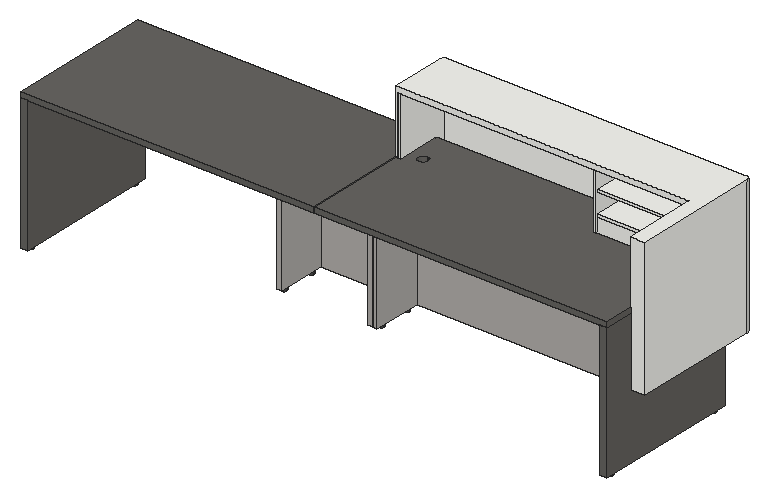
Revit family "Table-Teknion-CWRT_Reception_With_Transaction-R2016", category Furniture, Revit 2018
Family settings
  OmniClass Number = 23.40.20.00
  OmniClass Title = General Furniture and Specialties
  Work Plane-Based = No
  Always vertical = Yes
  Cut with Voids When Loaded = No
  Shared = Yes
  Room Calculation Point = No
Parameters (values of type "Left/Right Transaction Counter with Open Waterfall Edge")
  Worksurface Finish [instance] = Wood - Teknion - DZ - Truffle
  Width [instance] = 120.000"
  Warranty = "http://www.teknion.com/ca/papers/legal-canada"
  Unit Weight URL = "http://www.teknion.com/ca/tools/assets#&asset=bee6a381-b954-425e-8283-5a2de3a804f2,f828d448-4b62-4231-9e5f-9a8991c0ed77"
  URL = "www.teknion.com"
  Two Worksurface Left Right [instance] = and(LeftorRight, Width > 119.000")  # yes
  To render please download texture images found here [instance] = "https://assets.teknion.com/web/5e81352c1dfdb467/revit-material-swatches/"
  Sustainability Data = "https://www.teknion.com/ca/tools/assets#&topic=216f99a5-57a0-44fc-b10a-9dee9b29ae4c&asset=444deb64-fe58-4b68-981e-f75e97781df7,b4ff2d81-9f2e-437d-9659-7cffb09c31cf"
  Series = "Custom Wood"  # constant formula
  Product Page URL = "https://www.teknion.com/ca/products/product-details?productLineId=0d82026f-8e7a-673b-a6c8-ff05004460c4"
  Product Line = "Reception"  # constant formula
  Product Documentation Link = "https://assets.teknion.com/m/148e0412a085a50e/original/Teknion-Reception-Sell-Sheet.pdf"
  Part Number = "CWRT"  # constant formula
  Overhang Edge Offset [instance] = if(Closed, 1.500", if(Width = 144.000", 46.500", if(Width = 132.000", 43.500", if(Width = 120.000", 40.500", if(Width = 108.000", 37.500", 34.500")))))  # 40.500"
  Open Waterfall Edge Leg offset [instance] = if(Depth = 30.000", 10.000", 16.000")  # 10.000"
  Open = yes
  One Worksurface [instance] = and(LeftorRight, Width < 119.000")  # no
  Modesty Panel Offset [instance] = if(Width = 144.000", 46.500", if(Width = 132.000", 43.500", if(Width = 120.000", 40.500", if(Width = 108.000", 37.500", 34.500"))))  # 40.500"
  Model = "CWRT__O_"
  Manufacturer Phone = "416-661-3370"  # constant formula
  Manufacturer Fax = "416.661.4586"  # constant formula
  Manufacturer Contact Information = "http://www.teknion.com/ca/contactus"
  Manufacturer Address = "1150 Flint Road, Toronto, ON. M3J 2J5. Canada"  # constant formula
  Manufacturer = "Teknion"  # constant formula
  LeftorRight = yes
  Left Right grommet hole [instance] = if(LeftorRight, 2.000", 0.500")  # 2.000"
  How To Use Teknion Materials User Guide [instance] = "https://assets.teknion.com/m/205dd0a49fa58060/original/How-to-add-a-Material-Library-and-Texture-Images-to-your-Revit-project.pdf"
  For Additional Finishes please visit [instance] = "https://assets.teknion.com/m/44a8009b046e5d47/original/Teknion_Materials_Library.zip"
  Edge offset = if(Center, 0.000", 3.000")  # 3.000"
  Transaction Counter Finish [instance] = Wood - Teknion - MV - Solid Surface - Glacier White
  Double Middle Support Offset [instance] = if(Depth = 30.000", 10.000", 12.000")  # 10.000"
  Double Middle Support [instance] = or(Center, Two Worksurface Left Right)  # yes
  Description = "Teknion Recption with Transaction, Open Waterfall Edge, Left/Right Transaction Counter"
  Depth [instance] = 30.000"
  Closed = no
  Center Grommet Hole [instance] = if(Center, 2.000", 0.500")  # 0.500"
  Center  Edge offset [instance] = if(Width = 144.000", 36.000", if(Width = 132.000", 33.000", 30.000"))  # 30.000"
  Center = no
  Base Finish [instance] = Veneer-Teknion-5S-Flintwood-Silverwash
  Available Widths [instance] = if(Center, "120, 132, and 144 Inches", if(Open, "96, 108, 120, 132, and 144 Inches", "84, 96, 108, 120, 132, and 144 Inches "))  # "96, 108, 120, 132, and 144 Inches"
  Available Depths [instance] = "30, and 36 Inches"  # constant formula
  Assembly Code = "E2020200"
Reference planes (in)
  plane 1 "Center Front/Back": y = 0
  plane 2: z = 0
  plane 3 "Center Left/Right": x = 0
  plane 4 "Left": x = -60
  plane 5 "Right": x = 60
  plane 6 "Back": y = 15
  plane 7 "Front": y = -15
  plane 8 "Top": z = 42
  plane 9: x = 63
  plane 10: y = 18
  plane 11: z = 0.5
  plane 12: z = 29
  plane 13: x = -19.5
  plane 14: y = 11
  plane 15: x = -30
  plane 16: x = 30
Forms (in)
  Sweep 1, solid, material "Wood - Teknion - DZ - Truffle" <- "Worksurface Finish"
    path origin (0, 0, 0) x (1, 0, 0) y (0, 0, 1)
      loop
        line (0, 0.5) -> (0, 28)
    profile origin (0, 0, 14.25) x (-1, 0, 0) y (0, -1, 0)
      loop
        line (60, -15) -> (60, 15) -> (58.5, 15) -> (58.5, -15) -> (60, -15)
      loop
        line (-60, -15) -> (-58.5, -15) -> (-58.5, 15) -> (-60, 15) -> (-60, -15)
  Sweep 2, solid, material "Wood - Teknion - DZ - Truffle" <- "Worksurface Finish", visible <- "One Worksurface"
    path origin (0, 0, 0) x (1, 0, 0) y (0, 0, 1)
      loop
        line (0, 28) -> (0, 29)
    profile origin (0, 0, 28.5) x (-1, 0, 0) y (0, -1, 0)
      loop
        line (60, -15) -> (60, 15) -> (-60, 15) -> (-60, -15) -> (60, -15)
  Sweep 3, solid, material "Veneer-Teknion-5S-Flintwood-Silverwash" <- "Base Finish"
    path origin (0, 0, 0) x (1, 0, 0) y (0, 0, 1)
      loop
        line (0, 0.5) -> (0, 28)
    profile origin (0, 0, 14.25) x (-1, 0, 0) y (0, -1, 0)
      loop
        line (19.5, -11) -> (19.5, -10) -> (-58.5, -10) -> (-58.5, -11) -> (19.5, -11)
  Sweep 4, solid, material "Wood - Teknion - DZ - Truffle" <- "Worksurface Finish", visible <- "LeftorRight"
    path origin (0, 0, 0) x (1, 0, 0) y (0, 1, 0)
      loop
        line (-58.5, 0) -> (0, 0)
    profile origin (-29.25, 0, 0) x (0, 1, 0) y (0, 0, 1)
      loop
        line (14.94094, 27.94094) -> (14.81594, 27.94094) -> (14.81594, 28) -> (14.19094, 28) -> (14.19094, 25.75) -> (14.94094, 25.75) -> (14.94094, 27.94094)
  Sweep 5, solid, material "Veneer-Teknion-5S-Flintwood-Silverwash" <- "Base Finish", visible <- "Open"
    path origin (0, 0, 0) x (1, 0, 0) y (0, 0, 1)
      loop
        line (0, 0.5) -> (0, 28)
    profile origin (0, 0, 14.25) x (-1, 0, 0) y (0, -1, 0)
      loop
        line (19.5, -10) -> (19.5, 0) -> (18.5, 0) -> (18.5, -10) -> (19.5, -10)
  Sweep 6, solid, material "Wood - Teknion - DZ - Truffle" <- "Worksurface Finish", visible <- "Center"
    path origin (0, 0, 0) x (1, 0, 0) y (0, 1, 0)
      loop
        line (-58.5, 0) -> (-30, 0)
    profile origin (-44.25, 0, 0) x (0, 1, 0) y (0, 0, 1)
      loop
        line (14.94094, 25.75) -> (14.94094, 27.94094) -> (14.81594, 27.94094) -> (14.81594, 28) -> (14.19094, 28) -> (14.19094, 25.75) -> (14.94094, 25.75)
  Sweep 7, solid, material "Wood - Teknion - DZ - Truffle" <- "Worksurface Finish", visible <- "Center"
    path origin (0, 0, 0) x (1, 0, 0) y (0, 1, 0)
      loop
        line (30, 0) -> (58.5, 0)
    profile origin (44.25, 0, 0) x (0, 1, 0) y (0, 0, 1)
      loop
        line (14.19094, 25.75) -> (14.94094, 25.75) -> (14.94094, 27.94094) -> (14.81594, 27.94094) -> (14.81594, 28) -> (14.19094, 28) -> (14.19094, 25.75)
  Sweep 8, solid, material "Wood - Teknion - DZ - Truffle" <- "Worksurface Finish", visible <- "Double Middle Support"
    path origin (0, 0, 0) x (1, 0, 0) y (0, 0, 1)
      loop
        line (0, 28) -> (0, 29)
    profile origin (0, 0, 28.5) x (-1, 0, 0) y (0, -1, 0)
      loop
        line (0, -15) -> (60, -15) -> (60, 15) -> (0, 15) -> (0, -15)
  Sweep 9, solid, material "Wood - Teknion - DZ - Truffle" <- "Worksurface Finish", visible <- "Double Middle Support"
    path origin (0, 0, 0) x (1, 0, 0) y (0, 0, 1)
      loop
        line (0, 28) -> (0, 29)
    profile origin (0, 0, 28.5) x (-1, 0, 0) y (0, -1, 0)
      loop
        line (0, -15) -> (0, 15) -> (-60, 15) -> (-60, -15) -> (0, -15)
  Sweep 10, solid, material "Veneer-Teknion-5S-Flintwood-Silverwash" <- "Base Finish", visible <- "One Worksurface"
    path origin (0, 0, 0) x (1, 0, 0) y (0, 0, 1)
      loop
        line (0, 0.5) -> (0, 28)
    profile origin (0, 0, 14.25) x (-1, 0, 0) y (0, -1, 0)
      loop
        line (0.49775, -10) -> (0.49775, 0) -> (-0.50225, 0) -> (-0.50225, -10) -> (0.49775, -10)
  Sweep 11, solid, material "Plastic - Teknion - E - Ebony"
    path origin (0, 0, 0) x (1, 0, 0) y (0, 0, 1)
      loop
        line (0, 0) -> (0, 0.5)
    profile origin (0, 0, 0.25) x (-1, 0, 0) y (0, -1, 0)
      loop
        circle (59.25, -13.228) r 0.52
      loop
        circle (59.25, 13.228) r 0.52
      loop
        circle (-59.25, -13.228) r 0.52
      loop
        circle (-59.25, 13.228) r 0.52
  Sweep 12, solid, material "Plastic - Teknion - E - Ebony", visible <- "One Worksurface"
    path origin (0, 0, 0) x (1, 0, 0) y (0, 0, 1)
      loop
        line (0, 0) -> (0, 0.5)
    profile origin (0, 0, 0.25) x (-1, 0, 0) y (0, -1, 0)
      loop
        circle (-0.00225, -8.228) r 0.5
      loop
        circle (-0.00225, -1.772) r 0.5
  Sweep 13, solid, material "Plastic - Teknion - E - Ebony", visible <- "Open"
    path origin (0, 0, 0) x (1, 0, 0) y (0, 0, 1)
      loop
        line (0, 0) -> (0, 0.5)
    profile origin (0, 0, 0.25) x (-1, 0, 0) y (0, -1, 0)
      loop
        circle (19, -1.2772) r 0.5
      loop
        circle (19, -8.228) r 0.5
  Sweep 14, solid, material "Veneer-Teknion-5S-Flintwood-Silverwash" <- "Base Finish", visible <- "Double Middle Support"
    path origin (0, 0, 0) x (1, 0, 0) y (0, 0, 1)
      loop
        line (0, 0.5) -> (0, 28)
    profile origin (0, 0, 14.25) x (-1, 0, 0) y (0, -1, 0)
      loop
        line (1, 0) -> (0, 0) -> (0, -10) -> (1, -10) -> (1, 0)
  Sweep 15, solid, material "Veneer-Teknion-5S-Flintwood-Silverwash" <- "Base Finish", visible <- "Double Middle Support"
    path origin (0, 0, 0) x (1, 0, 0) y (0, 0, 1)
      loop
        line (0, 0.5) -> (0, 28)
    profile origin (0, 0, 14.25) x (-1, 0, 0) y (0, -1, 0)
      loop
        line (-1, -10) -> (0, -10) -> (0, 0) -> (-1, 0) -> (-1, -10)
  Sweep 16, solid, material "Plastic - Teknion - E - Ebony", visible <- "Double Middle Support"
    path origin (0, 0, 0) x (1, 0, 0) y (0, 0, 1)
      loop
        line (0, 0) -> (0, 0.5)
    profile origin (0, 0, 0.25) x (-1, 0, 0) y (0, -1, 0)
      loop
        circle (0.49775, -1.772) r 0.49775
      loop
        circle (0.49775, -8.228) r 0.49775
  Sweep 17, solid, material "Plastic - Teknion - E - Ebony", visible <- "Double Middle Support"
    path origin (0, 0, 0) x (1, 0, 0) y (0, 0, 1)
      loop
        line (0, 0) -> (0, 0.5)
    profile origin (0, 0, 0.25) x (-1, 0, 0) y (0, -1, 0)
      loop
        circle (-0.50225, -1.772) r 0.49775
      loop
        circle (-0.50225, -8.228) r 0.49775
  Sweep 18, solid, material "Veneer-Teknion-5S-Flintwood-Silverwash" <- "Base Finish", visible <- "Open"
    path origin (0, 0, 0) x (1, 0, 0) y (0, 0, 1)
      loop
        line (0, 28) -> (0, 19.96063)
    profile origin (0, 0, 23.98031) x (0, -1, 0) y (1, 0, 0)
      loop
        line (0, -19.5) -> (-0.75, -19.5) -> (-0.75, -58.5) -> (0, -58.5) -> (0, -19.5)
  Sweep 19, void
    path origin (0, 0, 0) x (1, 0, 0) y (0, 0, 1)
      loop
        line (0, 30) -> (0, 28)
    profile origin (0, 0, 29) x (0, -1, 0) y (1, 0, 0)
      loop
        circle (-8, 4) r 1
  Sweep 20, void
    path origin (0, 0, 0) x (1, 0, 0) y (0, 0, 1)
      loop
        line (0, 30) -> (0, 29.5)
    profile origin (0, 0, 29.75) x (0, -1, 0) y (1, 0, 0)
      loop
        circle (-8, -26.5) r 1
      loop
        circle (-8, 26.5) r 1
Cuts and joins
  Sweep 19, Sweep 20 cuts Sweep 9
  Sweep 19 cuts Sweep 2
  Sweep 20 cuts Sweep 8
Lines and regions (in)
  Masking region 1, visible <- "Center"
    outline origin (0, 0, 0) x (1, 0, 0) y (0, 1, 0)
      loop
        line (-60, 15) -> (-60, -15) -> (0, -15) -> (0, 6) -> (-30, 6) -> (-30, 15) -> (-60, 15)
  Masking region 2, visible <- "Center"
    outline origin (0, 0, 0) x (1, 0, 0) y (0, 1, 0)
      loop
        line (60, -15) -> (60, 15) -> (30, 15) -> (30, 6) -> (0, 6) -> (0, -15) -> (60, -15)
  Masking region 3, visible <- "One Worksurface"
    outline origin (0, 0, 0) x (1, 0, 0) y (0, 1, 0)
      loop
        line (-60, 15) -> (-60, -15) -> (60, -15) -> (60, 6) -> (0, 6) -> (0, 15) -> (-60, 15)
  Masking region 4, visible <- "Two Worksurface Left Right"
    outline origin (0, 0, 0) x (1, 0, 0) y (0, 1, 0)
      loop
        line (0, 6) -> (0, -15) -> (60, -15) -> (60, 6) -> (0, 6)
  Masking region 5, visible <- "Two Worksurface Left Right"
    outline origin (0, 0, 0) x (1, 0, 0) y (0, 1, 0)
      loop
        line (-60, 15) -> (-60, -15) -> (0, -15) -> (0, 15) -> (-60, 15)
  reference lines
    curve 1: line (-60, 18, 0) -> (63, 18, 0)
    curve 2: line (-60, 18, 0) -> (-60, -15, 0)
    curve 3: line (-60, -15, 0) -> (63, -15, 0)
    curve 4: line (63, 18, 0) -> (63, -15, 0)
  symbolic lines, style "FurnitureHiddenLines", detail levels medium+fine
    curve 5: line (-58.5, -15, 0) -> (-58.5, 14.94094, 0)
    curve 6: line (58.5, 14.94094, 0) -> (58.5, -15, 0)
    curve 7: line (-19.5, 10, 0) -> (58.5, 10, 0)
    curve 8: line (58.5, 11, 0) -> (-19.5, 11, 0)
    curve 38: line (60, 15, 0) -> (-60, 15, 0)
    curve 62: line (60, 6, 0) -> (60, 15, 0)
  symbolic lines, style "FurnitureHiddenLines", visible <- "One Worksurface", detail levels medium+fine
    curve 9: line (-0.49775, 10, 0) -> (-0.49775, 0, 0)
    curve 10: line (-0.49775, 0, 0) -> (0.50225, 0, 0)
    curve 11: line (0.50225, 0, 0) -> (0.50225, 10, 0)
  symbolic lines, style "FurnitureHiddenLines", visible <- "Center", detail levels medium+fine
    curve 12: line (-58.5, 14.19094, 0) -> (-30, 14.19094, 0)
    curve 13: line (-30, 14.81594, 0) -> (-58.5, 14.81594, 0)
    curve 14: line (-30, 14.94094, 0) -> (-58.5, 14.94094, 0)
    curve 15: line (30, 14.19094, 0) -> (58.5, 14.19094, 0)
    curve 16: line (58.5, 14.81594, 0) -> (30, 14.81594, 0)
    curve 17: line (58.5, 14.94094, 0) -> (30, 14.94094, 0)
    curve 56: arc (-26.5, 9, 0) -> (-27.5, 8, 0) -> (-26.5, 7, 0) r 1
    curve 57: arc (-26.5, 7, 0) -> (-25.5, 8, 0) -> (-26.5, 9, 0) r 1
    curve 58: arc (26.5, 7, 0) -> (27.5, 8, 0) -> (26.5, 9, 0) r 1
    curve 59: arc (26.5, 9, 0) -> (25.5, 8, 0) -> (26.5, 7, 0) r 1
  symbolic lines, style "FurnitureHiddenLines", visible <- "Two Worksurface Left Right", detail levels medium+fine
    curve 18: line (-58.5, 14.19094, 0) -> (0, 14.19094, 0)
  symbolic lines, style "FurnitureHiddenLines", visible <- "Two Worksurface Left Right", detail levels fine
    curve 19: line (0, 14.81594, 0) -> (-58.5, 14.81594, 0)
    curve 20: line (0, 14.94094, 0) -> (-58.5, 14.94094, 0)
  symbolic lines, style "FurnitureHiddenLines", visible <- "Open", detail levels medium+fine
    curve 21: line (-19.5, 11, 0) -> (-19.5, 10, 0)
    curve 22: line (-19.5, 10, 0) -> (-19.5, 0, 0)
    curve 23: line (-19.5, 0, 0) -> (-18.5, 0, 0)
    curve 39: line (-18.5, 0, 0) -> (-18.5, 10, 0)
    curve 60: line (-19.5, 0.75, 0) -> (-58.5, 0.75, 0)
    curve 61: line (-58.5, 0, 0) -> (-19.5, 0, 0)
  symbolic lines, style "FurnitureHiddenLines", detail levels fine
    curve 24: arc (-59.77, 13.228, 0) -> (-59.25, 12.708, 0) -> (-58.73, 13.228, 0) r 0.52
    curve 25: arc (-58.73, 13.228, 0) -> (-59.25, 13.748, 0) -> (-59.77, 13.228, 0) r 0.52
    curve 26: arc (-58.73, -13.228, 0) -> (-59.25, -12.708, 0) -> (-59.77, -13.228, 0) r 0.52
    curve 27: arc (-59.77, -13.228, 0) -> (-59.25, -13.748, 0) -> (-58.73, -13.228, 0) r 0.52
    curve 28: arc (59.77, -13.228, 0) -> (59.25, -12.708, 0) -> (58.73, -13.228, 0) r 0.52
    curve 29: arc (58.73, -13.228, 0) -> (59.25, -13.748, 0) -> (59.77, -13.228, 0) r 0.52
    curve 30: arc (59.77, 13.228, 0) -> (59.25, 13.748, 0) -> (58.73, 13.228, 0) r 0.52
    curve 31: arc (58.73, 13.228, 0) -> (59.25, 12.708, 0) -> (59.77, 13.228, 0) r 0.52
  symbolic lines, style "FurnitureHiddenLines", visible <- "One Worksurface", detail levels fine
    curve 32: arc (-0.49775, 8.228, 0) -> (0.00225, 7.728, 0) -> (0.50225, 8.228, 0) r 0.5
    curve 33: arc (0.50225, 8.228, 0) -> (0.00225, 8.728, 0) -> (-0.49775, 8.228, 0) r 0.5
    curve 34: arc (-0.49775, 1.772, 0) -> (0.00225, 1.272, 0) -> (0.50225, 1.772, 0) r 0.5
    curve 35: arc (0.50225, 1.772, 0) -> (0.00225, 2.272, 0) -> (-0.49775, 1.772, 0) r 0.5
  symbolic lines, style "FurnitureHiddenLines", visible <- "Open", detail levels fine
    curve 36: arc (-19.5, 8.228, 0) -> (-19, 7.728, 0) -> (-18.5, 8.228, 0) r 0.5
    curve 37: arc (-18.5, 8.228, 0) -> (-19, 8.728, 0) -> (-19.5, 8.228, 0) r 0.5
    curve 40: arc (-19.5, 1.2772, 0) -> (-19, 1.7772, 0) -> (-18.5, 1.2772, 0) r 0.5
    curve 41: arc (-18.5, 1.2772, 0) -> (-19, 0.7772, 0) -> (-19.5, 1.2772, 0) r 0.5
  symbolic lines, style "FurnitureHiddenLines", visible <- "Double Middle Support", detail levels medium+fine
    curve 42: line (-1, 10, 0) -> (-1, 0, 0)
    curve 43: line (-1, 0, 0) -> (0, 0, 0)
    curve 44: line (0, 0, 0) -> (1, 0, 0)
    curve 45: line (1, 0, 0) -> (1, 10, 0)
  symbolic lines, style "FurnitureHiddenLines", visible <- "Double Middle Support", detail levels fine
    curve 46: arc (-0.99549, 1.772, 0) -> (-0.49775, 2.26975, 0) -> (0, 1.772, 0) r 0.49775
    curve 47: arc (0, 1.772, 0) -> (-0.49775, 1.27425, 0) -> (-0.99549, 1.772, 0) r 0.49775
    curve 48: arc (0.00451, 1.772, 0) -> (0.50225, 2.26975, 0) -> (1, 1.772, 0) r 0.49775
    curve 49: arc (1, 1.772, 0) -> (0.50225, 1.27425, 0) -> (0.00451, 1.772, 0) r 0.49775
    curve 50: arc (-0.99549, 8.228, 0) -> (-0.49775, 8.72575, 0) -> (0, 8.228, 0) r 0.49775
    curve 51: arc (0, 8.228, 0) -> (-0.49775, 7.73025, 0) -> (-0.99549, 8.228, 0) r 0.49775
    curve 52: arc (0.00451, 8.228, 0) -> (0.50225, 8.72575, 0) -> (1, 8.228, 0) r 0.49775
    curve 53: arc (1, 8.228, 0) -> (0.50225, 7.73025, 0) -> (0.00451, 8.228, 0) r 0.49775
  symbolic lines, style "FurnitureHiddenLines", visible <- "LeftorRight", detail levels medium+fine
    curve 54: arc (4, 7, 0) -> (5, 8, 0) -> (4, 9, 0) r 1
    curve 55: arc (4, 9, 0) -> (3, 8, 0) -> (4, 7, 0) r 1
Dimensions and locks (in)
  "Width": plane 4 "Left" to plane 5 "Right"
  "Depth": plane 6 "Back" to plane 7 "Front"
  plane 8 "Top" to level = 42.000"
  equal spacing: plane 6 "Back", plane 1 "Center Front/Back", plane 7 "Front"
  equal spacing: plane 4 "Left", plane 3 "Center Left/Right", plane 5 "Right"
  "Edge offset": plane 5 "Right" to plane 9
  locked: plane 10 to plane 6 "Back" at 3
  plane 12 to plane 11 to level = 28.500", 0.500" locked
  locked: plane 12 to Sweep 1 sketch curve at 1
  locked: plane 4 "Left" to Sweep 1 sketch curve at 1.5
  locked: Sweep 1 sketch curve to plane 5 "Right" at 1.5
  Sweep 2 sketch curve to Sweep 2 sketch curve to level = 1.000" locked, 28.000" locked
  "Overhang Edge Offset": plane 4 "Left" to plane 13
  locked: plane 12 to Sweep 3 sketch curve at 1
  locked: plane 6 "Back" to plane 14 at 4
  locked: Sweep 3 sketch curve to plane 14 at 1
  locked: plane 4 "Left" to Sweep 4 sketch curve at 1.5
  plane 12 to Sweep 4 sketch curve to Sweep 4 sketch curve to Sweep 4 sketch curve = 1.000" locked, 0.05906" locked, 2.19094" locked
  plane 6 "Back" to Sweep 4 sketch curve to Sweep 4 sketch curve to Sweep 4 sketch curve = 0.05906" locked, 0.125" locked, 0.625" locked
  locked: plane 12 to Sweep 5 sketch curve at 1
  locked: Sweep 5 sketch curve to plane 14 at 1
  locked: plane 13 to Sweep 5 sketch curve at 1
  locked: Sweep 3 sketch curve to plane 5 "Right" at 1.5
  "Center  Edge offset": plane 3 "Center Left/Right" to plane 16
  "Center  Edge offset": plane 15 to plane 3 "Center Left/Right"
  locked: plane 4 "Left" to Sweep 6 sketch curve at 1.5
  plane 12 to Sweep 6 sketch curve to Sweep 6 sketch curve to Sweep 6 sketch curve = 1.000" locked, 0.05906" locked, 2.19094" locked
  plane 6 "Back" to Sweep 6 sketch curve to Sweep 6 sketch curve to Sweep 6 sketch curve = 0.05906" locked, 0.125" locked, 0.625" locked
  plane 6 "Back" to Sweep 7 sketch curve to Sweep 7 sketch curve to Sweep 7 sketch curve = 0.05906" locked, 0.125" locked, 0.625" locked
  plane 12 to Sweep 7 sketch curve to Sweep 7 sketch curve to Sweep 7 sketch curve = 1.000" locked, 0.05906" locked, 2.19094" locked
  locked: plane 12 to Sweep 8 sketch curve at 1
  locked: plane 12 to Sweep 9 sketch curve at 1
  locked: plane 12 to Sweep 10 sketch curve at 1
  Sweep 10 sketch curve to plane 3 "Center Left/Right" to Sweep 10 sketch curve = 0.50225" locked, 0.49775" locked
  locked: Sweep 10 sketch curve to plane 14 at 1
  locked: plane 6 "Back" to Masking region 1 sketch curve at 9
  locked: plane 6 "Back" to Masking region 2 sketch curve at 9
  locked: Masking region 4 sketch curve to plane 14 at 5
  locked: plane 6 "Back" to Sweep 11 sketch curve at 1.772  (x2)
  locked: plane 7 "Front" to Sweep 11 sketch curve at 1.772  (x2)
  locked: plane 4 "Left" to Sweep 11 sketch curve at 0.75  (x2)
  locked: Sweep 11 sketch curve to plane 5 "Right" at 0.75  (x2)
  plane 3 "Center Left/Right" to Sweep 12 sketch curve to Sweep 12 sketch curve = 0.00225" locked, 0.000" locked
  locked: Sweep 12 sketch curve to plane 14 at 2.772
  locked: Sweep 13 sketch curve to plane 14 at 2.772
  plane 13 to Sweep 13 sketch curve to Sweep 13 sketch curve = 0.500" locked, 0.000" locked
  locked: Sweep 7 sketch curve to plane 5 "Right" at 1.5
  "Open Waterfall Edge Leg offset": Sweep 5 sketch curve to Sweep 5 sketch curve
  "Double Middle Support Offset": Sweep 10 sketch curve to Sweep 10 sketch curve
  locked: Sweep 10 to Sweep 12 sketch curve at 1.772
  locked: plane 12 to Sweep 14 sketch curve at 1
  locked: Sweep 14 sketch curve to plane 14 at 1
  "Double Middle Support Offset": Sweep 14 sketch curve to Sweep 14 sketch curve
  locked: Sweep 14 sketch curve to plane 3 "Center Left/Right" at 1
  locked: plane 12 to Sweep 15 sketch curve at 1
  locked: curve 8 to Sweep 15 sketch curve at 1
  "Double Middle Support Offset": Sweep 15 sketch curve to Sweep 15 sketch curve
  locked: plane 3 "Center Left/Right" to Sweep 15 sketch curve at 1
  locked: Sweep 5 to Sweep 13 sketch curve at 1.2772
  locked: Sweep 14 to Sweep 16 sketch curve at 1.772
  Sweep 16 sketch curve to Sweep 16 sketch curve to plane 3 "Center Left/Right" = 0.000" locked, 0.49775" locked
  locked: curve 8 to Sweep 16 sketch curve at 2.772
  plane 3 "Center Left/Right" to Sweep 17 sketch curve to Sweep 17 sketch curve = 0.50225" locked, 0.000" locked
  locked: Sweep 15 to Sweep 17 sketch curve at 1.772
  locked: curve 8 to Sweep 17 sketch curve at 2.772
  plane 12 to Sweep 18 sketch curve to Sweep 18 sketch curve = 1.000" locked, 8.03937" locked
  locked: plane 4 "Left" to Sweep 18 sketch curve at 1.5
  "Modesty Panel Offset": plane 4 "Left" to Sweep 18 sketch curve
  locked: Sweep 5 to Sweep 18 sketch curve at 0.75
  locked: Sweep 19 sketch curve to plane 12 at 1
  "Left Right grommet hole": Sweep 19 sketch curve to Sweep 19 sketch curve
  locked: curve 8 to Sweep 19 sketch curve at 3
  locked: plane 3 "Center Left/Right" to Sweep 19 sketch curve at 4
  locked: Sweep 20 sketch curve to plane 12 at 1
  "Center Grommet Hole": Sweep 20 sketch curve to Sweep 20 sketch curve
  locked: curve 8 to Sweep 20 sketch curve at 3  (x2)
  locked: plane 15 to Sweep 20 sketch curve at 3.5
  locked: Sweep 20 sketch curve to plane 16 at 3.5
  aligned and locked: level to plane 2
  aligned and locked: curve 1 to plane 10
  aligned and locked: curve 2 to plane 4 "Left"
  aligned and locked: plane 7 "Front" to curve 3
  aligned and locked: curve 4 to plane 9
  aligned and locked: plane 11 to Sweep 1 sketch curve
  aligned and locked: plane 3 "Center Left/Right" to Sweep 1 sketch curve
  aligned and locked: Sweep 1 sketch curve to plane 6 "Back"
  aligned and locked: plane 4 "Left" to Sweep 1 sketch curve
  aligned and locked: Sweep 1 sketch curve to plane 7 "Front"
  aligned and locked: Sweep 1 sketch curve to plane 5 "Right"
  aligned and locked: plane 6 "Back" to Sweep 1 sketch curve
  aligned and locked: plane 7 "Front" to Sweep 1 sketch curve
  aligned and locked: plane 3 "Center Left/Right" to Sweep 2 sketch curve
  aligned and locked: Sweep 2 sketch curve to plane 6 "Back"
  aligned and locked: plane 5 "Right" to Sweep 2 sketch curve
  aligned and locked: Sweep 2 sketch curve to plane 7 "Front"
  aligned and locked: plane 4 "Left" to Sweep 2 sketch curve
  aligned and locked: nested 1 to plane 6 "Back"
  aligned and locked: plane 3 "Center Left/Right" to nested 2
  aligned and locked: nested 2 to plane 6 "Back"
  aligned and locked: plane 11 to Sweep 3 sketch curve
  aligned and locked: plane 3 "Center Left/Right" to Sweep 3 sketch curve
  aligned and locked: plane 13 to Sweep 3 sketch curve
  aligned and locked: plane 14 to Sweep 3 sketch curve
  aligned and locked: plane 1 "Center Front/Back" to Sweep 4 sketch curve
  aligned and locked: plane 11 to Sweep 5 sketch curve
  aligned and locked: plane 3 "Center Left/Right" to Sweep 5 sketch curve
  aligned and locked: plane 13 to Sweep 5 sketch curve
  aligned and locked: plane 1 "Center Front/Back" to Sweep 6 sketch curve
  aligned and locked: plane 15 to Sweep 6 sketch curve
  aligned and locked: plane 1 "Center Front/Back" to Sweep 7 sketch curve
  aligned and locked: plane 16 to Sweep 7 sketch curve
  aligned and locked: plane 12 to Sweep 8 sketch curve
  aligned and locked: plane 3 "Center Left/Right" to Sweep 8 sketch curve  (x2)
  aligned and locked: plane 6 "Back" to Sweep 8 sketch curve
  aligned and locked: plane 7 "Front" to Sweep 8 sketch curve
  aligned and locked: Sweep 8 sketch curve to plane 4 "Left"
  aligned and locked: plane 12 to Sweep 9 sketch curve
  aligned and locked: plane 3 "Center Left/Right" to Sweep 9 sketch curve  (x2)
  aligned and locked: Sweep 9 sketch curve to plane 6 "Back"
  aligned and locked: Sweep 9 sketch curve to plane 7 "Front"
  aligned and locked: plane 5 "Right" to Sweep 9 sketch curve
  aligned and locked: plane 11 to Sweep 10 sketch curve
  aligned and locked: plane 3 "Center Left/Right" to Sweep 10 sketch curve
  aligned and locked: Masking region 1 sketch curve to plane 15
  aligned and locked: Masking region 1 sketch curve to plane 3 "Center Left/Right"
  aligned and locked: Masking region 1 sketch curve to plane 6 "Back"
  aligned and locked: plane 4 "Left" to Masking region 1 sketch curve
  aligned and locked: Masking region 1 sketch curve to plane 7 "Front"
  aligned and locked: plane 3 "Center Left/Right" to Masking region 2 sketch curve
  aligned and locked: Masking region 2 sketch curve to plane 7 "Front"
  aligned and locked: Masking region 2 sketch curve to plane 6 "Back"
  aligned and locked: plane 16 to Masking region 2 sketch curve
  aligned and locked: plane 5 "Right" to Masking region 2 sketch curve
  aligned and locked: Masking region 3 sketch curve to plane 6 "Back"
  aligned and locked: plane 4 "Left" to Masking region 3 sketch curve
  aligned and locked: Masking region 3 sketch curve to plane 7 "Front"
  aligned and locked: plane 5 "Right" to Masking region 3 sketch curve
  aligned and locked: Masking region 4 sketch curve to plane 7 "Front"
  aligned and locked: plane 5 "Right" to Masking region 4 sketch curve
  aligned and locked: plane 11 to Sweep 11 sketch curve
  aligned and locked: level to Sweep 11 sketch curve
  aligned and locked: plane 3 "Center Left/Right" to Sweep 11 sketch curve
  aligned and locked: plane 11 to Sweep 12 sketch curve
  aligned and locked: plane 3 "Center Left/Right" to Sweep 12 sketch curve
  aligned and locked: level to Sweep 12 sketch curve
  aligned and locked: level to Sweep 13 sketch curve
  aligned and locked: plane 11 to Sweep 13 sketch curve
  aligned and locked: plane 3 "Center Left/Right" to Sweep 13 sketch curve
  aligned and locked: curve 5 to Sweep 1
  aligned and locked: Sweep 1 to curve 6
  aligned and locked: curve 7 to Sweep 3
  aligned and locked: curve 8 to Sweep 3
  aligned and locked: curve 12 to Sweep 6
  aligned and locked: curve 13 to Sweep 6
  aligned and locked: curve 14 to Sweep 6
  aligned and locked: curve 15 to Sweep 7
  aligned and locked: curve 16 to Sweep 7
  aligned and locked: curve 17 to Sweep 7
  aligned and locked: curve 18 to Sweep 4
  aligned and locked: Sweep 4 to curve 19
  aligned and locked: Sweep 4 to curve 20
  aligned and locked: curve 21 to plane 13
  aligned and locked: curve 23 to Sweep 5
  aligned and locked: curve 22 to plane 13
  aligned and locked: curve 24 to Sweep 11
  aligned and locked: curve 25 to Sweep 11
  aligned and locked: curve 26 to Sweep 11
  aligned and locked: curve 27 to Sweep 11
  aligned and locked: curve 28 to Sweep 11
  aligned and locked: curve 29 to Sweep 11
  aligned and locked: curve 30 to Sweep 11
  aligned and locked: curve 31 to Sweep 11
  aligned and locked: curve 32 to Sweep 12
  aligned and locked: curve 33 to Sweep 12
  aligned and locked: curve 34 to Sweep 12
  aligned and locked: curve 35 to Sweep 12
  aligned and locked: curve 36 to Sweep 13
  aligned and locked: curve 37 to Sweep 13
  aligned and locked: curve 10 to Sweep 10
  aligned and locked: curve 38 to Sweep 2
  aligned and locked: curve 39 to Sweep 5
  aligned and locked: curve 40 to Sweep 13
  aligned and locked: curve 41 to Sweep 13
  aligned and locked: nested 1 to plane 8 "Top"
  aligned and locked: nested 1 to plane 5 "Right"
  aligned and locked: plane 3 "Center Left/Right" to Sweep 4 sketch curve
  aligned and locked: Masking region 3 sketch curve to plane 3 "Center Left/Right"
  aligned and locked: plane 3 "Center Left/Right" to Masking region 4 sketch curve
  aligned and locked: plane 11 to Sweep 14 sketch curve
  aligned and locked: plane 3 "Center Left/Right" to Sweep 14 sketch curve  (x2)
  aligned and locked: plane 11 to Sweep 15 sketch curve
  aligned and locked: plane 3 "Center Left/Right" to Sweep 15 sketch curve
  aligned and locked: Sweep 15 sketch curve to plane 3 "Center Left/Right"
  aligned and locked: plane 3 "Center Left/Right" to Sweep 16 sketch curve
  aligned and locked: level to Sweep 16 sketch curve
  aligned and locked: plane 11 to Sweep 16 sketch curve
  aligned and locked: plane 3 "Center Left/Right" to Sweep 17 sketch curve
  aligned and locked: level to Sweep 17 sketch curve
  aligned and locked: plane 11 to Sweep 17 sketch curve
  aligned and locked: curve 42 to Sweep 14
  aligned and locked: curve 43 to Sweep 14
  aligned and locked: curve 44 to Sweep 15
  aligned and locked: curve 45 to Sweep 15
  aligned and locked: curve 46 to Sweep 16
  aligned and locked: curve 47 to Sweep 16
  aligned and locked: curve 48 to Sweep 17
  aligned and locked: curve 49 to Sweep 17
  aligned and locked: curve 50 to Sweep 16
  aligned and locked: curve 51 to Sweep 16
  aligned and locked: curve 52 to Sweep 17
  aligned and locked: curve 53 to Sweep 17
  aligned and locked: Sweep 18 sketch curve to plane 3 "Center Left/Right"
  aligned and locked: Sweep 18 sketch curve to Sweep 5
  aligned and locked: Sweep 19 sketch curve to plane 3 "Center Left/Right"
  aligned and locked: curve 54 to cut or joined group of Sweep 2, Sweep 19
  aligned and locked: curve 55 to cut or joined group of Sweep 2, Sweep 19
  aligned and locked: Sweep 20 sketch curve to plane 3 "Center Left/Right"
  aligned and locked: curve 56 to cut or joined group of Sweep 8, Sweep 20
  aligned and locked: curve 57 to cut or joined group of Sweep 8, Sweep 20
  aligned and locked: curve 58 to cut or joined group of Sweep 9, Sweep 19, Sweep 20
  aligned and locked: curve 59 to cut or joined group of Sweep 9, Sweep 19, Sweep 20
  aligned and locked: plane 8 "Top" to nested 2
  aligned and locked: plane 4 "Left" to Masking region 5 sketch curve
  aligned and locked: Masking region 5 sketch curve to plane 6 "Back"
  aligned and locked: Masking region 5 sketch curve to plane 7 "Front"
  aligned and locked: Masking region 5 sketch curve to plane 3 "Center Left/Right"
  aligned and locked: curve 60 to Sweep 18
  aligned and locked: curve 61 to Sweep 18  (x2)
  aligned and locked: Sweep 18 to curve 60
  aligned and locked: nested 1 to curve 62
Automatic sketch dimensions
  Sweep 12 sketch curve to Sweep 12 sketch curve = 0.500"  (x2)
  plane 14 to Masking region 3 sketch curve = 5.000"
  curve 46 to curve 47 = 0.000"  (x2)
  curve 48 to curve 49 = 0.000"  (x2)
  curve 50 to curve 51 = 0.000"  (x2)
  curve 52 to curve 53 = 0.000"  (x2)
  curve 54 to curve 55 = 0.000"  (x2)
  curve 56 to curve 57 = 0.000"  (x2)
  curve 58 to curve 59 = 0.000"  (x2)
  curve 38 to plane 4 "Left" = 0.000"
  curve 13 to plane 15 = 0.000"
  curve 14 to plane 15 = 0.000"
  curve 12 to plane 15 = 0.000"
  curve 18 to plane 3 "Center Left/Right" = 0.000"
  curve 46 to plane 3 "Center Left/Right" = 0.000"
  curve 19 to plane 3 "Center Left/Right" = 0.000"
  curve 44 to plane 3 "Center Left/Right" = 0.000"
  curve 50 to plane 3 "Center Left/Right" = 0.000"
  curve 20 to plane 3 "Center Left/Right" = 0.000"
  curve 15 to plane 16 = 0.000"
  curve 16 to plane 16 = 0.000"
  curve 17 to plane 16 = 0.000"
  plane 7 "Front" to curve 6 = 0.000"
  plane 7 "Front" to curve 5 = 0.000"
  plane 15 to curve 56 = 3.500"
  curve 10 to curve 43 = 0.49775"
  curve 50 to curve 32 = 0.000"
  curve 46 to curve 35 = 0.000"  (x2)
  plane 3 "Center Left/Right" to curve 10 = 0.50225"
  curve 49 to curve 34 = 0.000"  (x2)
  curve 53 to curve 33 = 0.000"
  curve 10 to curve 45 = 0.49775"
  curve 52 to curve 55 = 3.000"
  curve 59 to plane 16 = 3.500"
  plane 14 to curve 58 = 3.000"
  plane 14 to curve 55 = 3.000"
  plane 14 to curve 57 = 3.000"
  curve 51 to curve 32 = 0.000"
  curve 52 to curve 33 = 0.000"
  curve 62 to curve 7 = 4.000"
  curve 56 to curve 56 = 1.000"
  curve 54 to curve 54 = 1.000"
  curve 59 to curve 58 = 1.000"
  radius of Sweep 11 sketch curve = 0.520"  (x4)
  radius of Sweep 13 sketch curve = 0.500"  (x2)
  radius of Sweep 16 sketch curve = 0.49775"  (x2)
  radius of Sweep 17 sketch curve = 0.49775"  (x2)
  radius of Sweep 19 sketch curve = 1.000"
  radius of Sweep 20 sketch curve = 1.000"  (x2)
Nested families (in)
  nested 1: "Accessory-Teknion-Reception_Classic_Desk_Transaction_Counter-R2016" at (60, 15, -0.50006) x (-1, 0, 0) z (0, 0, 1), Left or Right <- "LeftorRight", Width <- "Width", Transaction Finish <- "Transaction Counter Finish", visible <- "LeftorRight", type "Transaction Counter"
    with Width 120.000", Transaction Finish Wood - Teknion - MV - Solid Surface - Glacier White, Top 3.000", To render, please download texture images found here "https://assets.teknion.com/web/5e81352c1dfdb467/revit-material-swatches/", Right 60.000", Outlet Finish Plastic - Teknion - 30 - Grey, Offset 3 30.000", Offset 1 60.000", Offest 2 20.000", Left or Right yes, Left 3.000", How To Use Teknion Materials User Guide "https://assets.teknion.com/m/205dd0a49fa58060/original/How-to-add-a-Material-Library-and-Texture-Images-to-your-Revit-project.pdf", For Additional Finishes, please visit "https://assets.teknion.com/m/44a8009b046e5d47/original/Teknion_Materials_Library.zip", Center no
  nested 2: "Accessory-Teknion-Reception_Classic_Desk_Transaction_Counter-R2016" at (0, 15, -0.50006), Width <- "Width", Center <- "Center", Transaction Finish <- "Transaction Counter Finish", visible <- "Center", type "Transaction Counter"
    with Width 120.000", Transaction Finish Wood - Teknion - MV - Solid Surface - Glacier White, Top 3.000", To render, please download texture images found here "https://assets.teknion.com/web/5e81352c1dfdb467/revit-material-swatches/", Right 60.000", Outlet Finish Plastic - Teknion - 30 - Grey, Offset 3 30.000", Offset 1 60.000", Offest 2 20.000", Left or Right no, Left 3.000", How To Use Teknion Materials User Guide "https://assets.teknion.com/m/205dd0a49fa58060/original/How-to-add-a-Material-Library-and-Texture-Images-to-your-Revit-project.pdf", For Additional Finishes, please visit "https://assets.teknion.com/m/44a8009b046e5d47/original/Teknion_Materials_Library.zip", Center no
Definition of nested family "Accessory-Teknion-Reception_Classic_Desk_Transaction_Counter-R2016"
  Parameters (values of type "Transaction Counter")
    Width [instance] = 144.000"
    Warranty = "http://www.teknion.com/ca/papers/legal-canada"
    Unit Weight URL = "http://www.teknion.com/ca/tools/assets#&asset=bee6a381-b954-425e-8283-5a2de3a804f2,f828d448-4b62-4231-9e5f-9a8991c0ed77"
    URL = "www.teknion.com"
    Transaction Finish [instance] = none
    Top [instance] = 3.000"  # constant formula
    To render, please download texture images found here [instance] = "https://assets.teknion.com/web/5e81352c1dfdb467/revit-material-swatches/"
    Sustainability Data = "https://www.teknion.com/ca/tools/assets#&topic=216f99a5-57a0-44fc-b10a-9dee9b29ae4c&asset=444deb64-fe58-4b68-981e-f75e97781df7,b4ff2d81-9f2e-437d-9659-7cffb09c31cf"
    Series = "Custom Wood"
    Right [instance] = if(Center, Offset 3, Offset 1)  # 72.000"
    Product Page URL = "https://assets.teknion.com/m/148e0412a085a50e/original/Teknion-Reception-Sell-Sheet.pdf"
    Product Line = "Custom Wodd"
    Product Documentation Link = ""
    Part Number = "CWRF"
    Outlet Finish [instance] = none
    Offset 3 [instance] = if(Width = 120.000", 30.000", if(Width = 132.000", 33.000", 36.000"))  # 36.000"
    Offset 1 [instance] = if(Width = 84.000", 42.000", if(Width = 96.000", 48.000", if(Width = 108.000", 54.000", if(Width = 120.000", 60.000", if(Width = 132.000", 66.000", 72.000")))))  # 72.000"
    Offest 2 [instance] = if(Width = 84.000", 16.000", 20.000")  # 20.000"
    Model = ""
    Manufacturer Phone = "416-661-3370"  # constant formula
    Manufacturer Fax = "416.661.4586"  # constant formula
    Manufacturer Contact Information = "http://www.teknion.com/ca/contactus"
    Manufacturer Address = "1150 Flint Road, Toronto, ON. M3J 2J5. Canada"  # constant formula
    Manufacturer = "Teknion"  # constant formula
    Left or Right [instance] = yes
    Left [instance] = if(Center, Offset 3, 3.000")  # 3.000"
    How To Use Teknion Materials User Guide [instance] = "https://assets.teknion.com/m/205dd0a49fa58060/original/How-to-add-a-Material-Library-and-Texture-Images-to-your-Revit-project.pdf"
    For Additional Finishes, please visit [instance] = "https://assets.teknion.com/m/44a8009b046e5d47/original/Teknion_Materials_Library.zip"
    Description = "Transaction Counter"
    Center [instance] = no
    Assembly Code = "E2020200"
  Reference planes (in)
    plane 1 "Center Front/Back": y = 0
    plane 2: z = 0
    plane 3 "Center Left/Right": x = 0
    plane 4 "Left": x = -3
    plane 5 "Right": x = 72
    plane 6 "Back": y = 3
    plane 7 "Front": y = -9
    plane 8 "Top": z = 42.50006
    plane 9: x = -3
    plane 10: y = -24
    plane 11: y = 3
    plane 12: x = 72
    plane 13: z = 14.5
    plane 14: x = 20
    plane 15: x = -36
    plane 16: y = -9
    plane 17: x = 36
    plane 18: y = 3
    plane 19: x = -8
    plane 20: x = 8
  Forms (in)
    Sweep 1, solid, material <- "Transaction Finish", visible <- "Left or Right"
      path origin (0, 0, 0) x (1, 0, 0) y (0, 0, 1)
        loop
          line (0, 14.5) -> (0, 42.50006)
      profile origin (0, 0, 28.50003) x (-1, 0, 0) y (0, -1, 0)
        loop
          arc (2, -3) -> (2.70711, -2.70711) -> (3, -2) r 1
          line (3, -2) -> (3, 24) -> (0, 24) -> (0, 23.5) -> (2.5, 23.5) -> (2.5, -2.5) -> (-71.5, -2.5) -> (-71.5, 9) -> (-72, 9) -> (-72, -2)
          arc (-72, -2) -> (-71.70711, -2.70711) -> (-71, -3) r 1
          line (-71, -3) -> (2, -3)
    Sweep 2, solid, material <- "Transaction Finish", visible <- "Left or Right"
      path origin (0, 0, 0) x (1, 0, 0) y (0, 0, 1)
        loop
          line (0, 14.5) -> (0, 41.441)
      profile origin (0, 0, 27.9705) x (-1, 0, 0) y (0, -1, 0)
        loop
          line (0.5, 23) -> (2, 23) -> (2, -2) -> (-71, -2) -> (-71, 9) -> (-71.5, 9) -> (-71.5, -2.5) -> (2.5, -2.5) -> (2.5, 23.5) -> (0.5, 23.5) -> (0.5, 23)
    Sweep 3, solid, material <- "Transaction Finish", visible <- "Left or Right"
      path origin (0, 0, 0) x (1, 0, 0) y (0, 0, 1)
        loop
          line (0, 41.441) -> (0, 42.50006)
      profile origin (0, 0, 41.97053) x (-1, 0, 0) y (0, -1, 0)
        loop
          line (3, 24) -> (0, 24) -> (0, 9) -> (-72, 9) -> (-72, -2)
          arc (-72, -2) -> (-71.70711, -2.70711) -> (-71, -3) r 1
          line (-71, -3) -> (2, -3)
          arc (2, -3) -> (2.70711, -2.70711) -> (3, -2) r 1
          line (3, -2) -> (3, 24)
    Sweep 4, solid, material <- "Transaction Finish", visible <- "Left or Right"
      path origin (0, 0, 0) x (1, 0, 0) y (0, 0, 1)
        loop
          line (0, 28.5) -> (0, 41.441)
      profile origin (0, 0, 34.9705) x (-1, 0, 0) y (0, -1, 0)
        loop
          line (0.5, -2) -> (0.5, 23.5) -> (0, 23.5) -> (0, -2) -> (0.5, -2)
    Sweep 5, solid, material <- "Transaction Finish", visible <- "Left or Right"
      path origin (0, 0, 0) x (1, 0, 0) y (0, 0, 1)
        loop
          line (0, 29.5) -> (0, 41.441)
      profile origin (0, 0, 35.4705) x (-1, 0, 0) y (0, -1, 0)
        loop
          line (0, -2) -> (0, 8.5) -> (-0.5, 8.5) -> (-0.5, -2) -> (0, -2)
        loop
          line (-19.5, -2) -> (-19.5, 8.5) -> (-20, 8.5) -> (-20, -2) -> (-19.5, -2)
    Sweep 6, solid, material <- "Transaction Finish", visible <- "Left or Right"
      path origin (0, 0, 0) x (1, 0, 0) y (0, 1, 0)
        loop
          line (0.5, 0) -> (19.5, 0)
      profile origin (10, 0, 0) x (0, 1, 0) y (0, 0, 1)
        loop
          line (1.9, 33) -> (-8.375, 33) -> (-8.375, 32.5) -> (-8.275, 32.5) -> (-8.275, 29.5) -> (-7.775, 29.5) -> (-7.775, 32.5) -> (1.9, 32.5) -> (1.9, 33)
        loop
          line (1.9, 37.5) -> (-8.375, 37.5) -> (-8.375, 37) -> (1.9, 37) -> (1.9, 37.5)
    Sweep 7, solid, material <- "Transaction Finish", visible <- "Center"
      path origin (0, 0, 0) x (1, 0, 0) y (0, 0, 1)
        loop
          line (0, 14.5) -> (0, 41.441)
      profile origin (0, 0, 27.9705) x (-1, 0, 0) y (0, -1, 0)
        loop
          line (36, 9) -> (35.5, 9) -> (35.5, -2.5) -> (-35.5, -2.5) -> (-35.5, 9) -> (-36, 9) -> (-36, -2)
          arc (-36, -2) -> (-35.70711, -2.70711) -> (-35, -3) r 1
          line (-35, -3) -> (35, -3)
          arc (35, -3) -> (35.70711, -2.70711) -> (36, -2) r 1
          line (36, -2) -> (36, 9)
    Sweep 8, solid, material <- "Transaction Finish", visible <- "Center"
      path origin (0, 0, 0) x (1, 0, 0) y (0, 0, 1)
        loop
          line (0, 14.5) -> (0, 41.441)
      profile origin (0, 0, 27.9705) x (-1, 0, 0) y (0, -1, 0)
        loop
          line (35.5, 9) -> (35, 9) -> (35, -2) -> (-35, -2) -> (-35, 9) -> (-35.5, 9) -> (-35.5, -2.5) -> (35.5, -2.5) -> (35.5, 9)
    Sweep 9, solid, material <- "Transaction Finish", visible <- "Center"
      path origin (0, 0, 0) x (1, 0, 0) y (0, 0, 1)
        loop
          line (0, 41.441) -> (0, 42.50006)
      profile origin (0, 0, 41.97053) x (-1, 0, 0) y (0, -1, 0)
        loop
          line (36, 9) -> (-36, 9) -> (-36, -2)
          arc (-36, -2) -> (-35.70711, -2.70711) -> (-35, -3) r 1
          line (-35, -3) -> (35, -3)
          arc (35, -3) -> (35.70711, -2.70711) -> (36, -2) r 1
          line (36, -2) -> (36, 9)
    Sweep 10, solid, material <- "Transaction Finish", visible <- "Center"
      path origin (0, 0, 0) x (1, 0, 0) y (0, 0, 1)
        loop
          line (0, 29.5) -> (0, 41.441)
      profile origin (0, 0, 35.4705) x (-1, 0, 0) y (0, -1, 0)
        loop
          line (8, -2) -> (8, 8.5) -> (7.5, 8.5) -> (7.5, -2) -> (8, -2)
        loop
          line (-7.5, 8.5) -> (-8, 8.5) -> (-8, -2) -> (-7.5, -2) -> (-7.5, 8.5)
    Sweep 11, solid, material <- "Transaction Finish", visible <- "Center"
      path origin (0, 0, 0) x (1, 0, 0) y (0, 1, 0)
        loop
          line (-7.5, 0) -> (7.5, 0)
      profile origin (0, 0, 0) x (0, 1, 0) y (0, 0, 1)
        loop
          line (-8.375, 32.5) -> (-8.275, 32.5) -> (-8.275, 29.5) -> (-7.775, 29.5) -> (-7.775, 32.5) -> (1.9, 32.5) -> (1.9, 33) -> (-8.375, 33) -> (-8.375, 32.5)
        loop
          line (-8.375, 37) -> (1.9, 37) -> (1.9, 37.5) -> (-8.375, 37.5) -> (-8.375, 37)
    Sweep 12, solid, material <- "Outlet Finish", visible <- "Left or Right"
      path origin (0, 0, 0) x (1, 0, 0) y (0, 1, 0)
        loop
          line (20, 0) -> (20.06, 0)
      profile origin (20.03, 0, 0) x (0, 1, 0) y (0, 0, 1)
        loop
          arc (-6.50046, 30.25) -> (-6.42724, 30.07322) -> (-6.25046, 30) r 0.25
          line (-6.25046, 30) -> (-1.75046, 30)
          arc (-1.75046, 30) -> (-1.57369, 30.07322) -> (-1.50046, 30.25) r 0.25
          line (-1.50046, 30.25) -> (-1.50046, 32.75)
          arc (-1.50046, 32.75) -> (-1.57369, 32.92678) -> (-1.75046, 33) r 0.25
          line (-1.75046, 33) -> (-6.25046, 33)
          arc (-6.25046, 33) -> (-6.42724, 32.92678) -> (-6.50046, 32.75) r 0.25
          line (-6.50046, 32.75) -> (-6.50046, 30.25)
        loop
          line (-5.867, 32.3) -> (-5.867, 30.7)
          arc (-5.867, 30.7) -> (-5.80842, 30.55858) -> (-5.667, 30.5) r 0.2
          line (-5.667, 30.5) -> (-2.317, 30.5)
          arc (-2.317, 30.5) -> (-2.17558, 30.55858) -> (-2.117, 30.7) r 0.2
          line (-2.117, 30.7) -> (-2.117, 32.3)
          arc (-2.117, 32.3) -> (-2.17558, 32.44142) -> (-2.317, 32.5) r 0.2
          line (-2.317, 32.5) -> (-5.667, 32.5)
          arc (-5.667, 32.5) -> (-5.80842, 32.44142) -> (-5.867, 32.3) r 0.2
    Sweep 13, solid, material <- "Outlet Finish", visible <- "Left or Right"
      path origin (0, 0, 0) x (1, 0, 0) y (0, 1, 0)
        loop
          line (20, 0) -> (20.09, 0)
      profile origin (20.045, 0, 0) x (0, 1, 0) y (0, 0, 1)
        loop
          line (-5.867, 32.3) -> (-5.867, 30.7)
          arc (-5.867, 30.7) -> (-5.80842, 30.55858) -> (-5.667, 30.5) r 0.2
          line (-5.667, 30.5) -> (-2.317, 30.5)
          arc (-2.317, 30.5) -> (-2.17558, 30.55858) -> (-2.117, 30.7) r 0.2
          line (-2.117, 30.7) -> (-2.117, 32.3)
          arc (-2.117, 32.3) -> (-2.17558, 32.44142) -> (-2.317, 32.5) r 0.2
          line (-2.317, 32.5) -> (-5.667, 32.5)
          arc (-5.667, 32.5) -> (-5.80842, 32.44142) -> (-5.867, 32.3) r 0.2
        loop
          arc (-5.32743, 32.03367) -> (-5.3497, 32.02444) -> (-5.35893, 32.00217) r 0.0315
          line (-5.35893, 32.00217) -> (-5.35893, 30.99783)
          arc (-5.35893, 30.99783) -> (-5.3497, 30.97556) -> (-5.32743, 30.96633) r 0.0315
          line (-5.32743, 30.96633) -> (-4.3235, 30.96633)
          arc (-4.3235, 30.96633) -> (-4.30122, 30.97556) -> (-4.292, 30.99783) r 0.0315
          line (-4.292, 30.99783) -> (-4.292, 32.00217)
          arc (-4.292, 32.00217) -> (-4.30122, 32.02444) -> (-4.3235, 32.03367) r 0.0315
          line (-4.3235, 32.03367) -> (-5.32743, 32.03367)
        loop
          arc (-3.65263, 32.0252) -> (-3.68047, 32.01367) -> (-3.692, 31.98583) r 0.03937
          line (-3.692, 31.98583) -> (-3.692, 31.01417)
          arc (-3.692, 31.01417) -> (-3.68047, 30.98633) -> (-3.65263, 30.9748) r 0.03937
          line (-3.65263, 30.9748) -> (-2.68137, 30.9748)
          arc (-2.68137, 30.9748) -> (-2.65353, 30.98633) -> (-2.642, 31.01417) r 0.03937
          line (-2.642, 31.01417) -> (-2.642, 31.98583)
          arc (-2.642, 31.98583) -> (-2.65353, 32.01367) -> (-2.68137, 32.0252) r 0.03937
          line (-2.68137, 32.0252) -> (-3.65263, 32.0252)
        loop
          line (-3.17743, 31.81496) -> (-3.60499, 31.81496) -> (-3.60499, 31.66417) -> (-3.17743, 31.66417) -> (-3.17743, 31.81496)
        loop
          line (-3.56562, 31.18504) -> (-3.2168, 31.18504) -> (-3.2168, 31.33583) -> (-3.56562, 31.33583) -> (-3.56562, 31.18504)
        loop
          line (-4.75952, 31.24114) -> (-4.53708, 31.24114) -> (-4.53708, 31.75886) -> (-4.75952, 31.75886) -> (-4.75952, 31.24114)
        loop
          line (-5.11385, 31.75886) -> (-5.11385, 31.24114) -> (-4.89141, 31.24114) -> (-4.89141, 31.75886) -> (-5.11385, 31.75886)
        loop
          line (-2.77743, 31.64291) -> (-2.92035, 31.64291)
          arc (-2.92035, 31.64291) -> (-3.06326, 31.5) -> (-2.92035, 31.35709) r 0.14291
          line (-2.92035, 31.35709) -> (-2.77743, 31.35709) -> (-2.77743, 31.64291)
    Sweep 14, solid, material <- "Outlet Finish", visible <- "Left or Right"
      path origin (0, 0, 0) x (1, 0, 0) y (0, 1, 0)
        loop
          line (20, 0) -> (20.1, 0)
      profile origin (20.05, 0, 0) x (0, 1, 0) y (0, 0, 1)
        loop
          arc (-5.32743, 32.03367) -> (-5.3497, 32.02444) -> (-5.35893, 32.00217) r 0.0315
          line (-5.35893, 32.00217) -> (-5.35893, 30.99783)
          arc (-5.35893, 30.99783) -> (-5.3497, 30.97556) -> (-5.32743, 30.96633) r 0.0315
          line (-5.32743, 30.96633) -> (-4.3235, 30.96633)
          arc (-4.3235, 30.96633) -> (-4.30122, 30.97556) -> (-4.292, 30.99783) r 0.0315
          line (-4.292, 30.99783) -> (-4.292, 32.00217)
          arc (-4.292, 32.00217) -> (-4.30122, 32.02444) -> (-4.3235, 32.03367) r 0.0315
          line (-4.3235, 32.03367) -> (-5.32743, 32.03367)
        loop
          line (-4.89141, 31.75886) -> (-5.11385, 31.75886) -> (-5.11385, 31.24114) -> (-4.89141, 31.24114) -> (-4.89141, 31.75886)
        loop
          line (-4.53708, 31.75886) -> (-4.75952, 31.75886) -> (-4.75952, 31.24114) -> (-4.53708, 31.24114) -> (-4.53708, 31.75886)
        loop
          arc (-3.65263, 32.0252) -> (-3.68047, 32.01367) -> (-3.692, 31.98583) r 0.03937
          line (-3.692, 31.98583) -> (-3.692, 31.01417)
          arc (-3.692, 31.01417) -> (-3.68047, 30.98633) -> (-3.65263, 30.9748) r 0.03937
          line (-3.65263, 30.9748) -> (-2.68137, 30.9748)
          arc (-2.68137, 30.9748) -> (-2.65353, 30.98633) -> (-2.642, 31.01417) r 0.03937
          line (-2.642, 31.01417) -> (-2.642, 31.98583)
          arc (-2.642, 31.98583) -> (-2.65353, 32.01367) -> (-2.68137, 32.0252) r 0.03937
          line (-2.68137, 32.0252) -> (-3.65263, 32.0252)
        loop
          line (-3.60499, 31.81496) -> (-3.60499, 31.66417) -> (-3.17743, 31.66417) -> (-3.17743, 31.81496) -> (-3.60499, 31.81496)
        loop
          line (-3.2168, 31.33583) -> (-3.56562, 31.33583) -> (-3.56562, 31.18504) -> (-3.2168, 31.18504) -> (-3.2168, 31.33583)
        loop
          arc (-2.92035, 31.64291) -> (-3.06326, 31.5) -> (-2.92035, 31.35709) r 0.14291
          line (-2.92035, 31.35709) -> (-2.77743, 31.35709) -> (-2.77743, 31.64291) -> (-2.92035, 31.64291)
    Sweep 15, solid, material <- "Outlet Finish", visible <- "Center"
      path origin (-10, 1.25, 0) x (1, 0, 0) y (0, 1, 0)
        loop
          line (18, -1.25) -> (18.09, -1.25)
      profile origin (8.045, 0, 0) x (0, 1, 0) y (0, 0, 1)
        loop
          line (-5.867, 32.3) -> (-5.867, 30.7)
          arc (-5.867, 30.7) -> (-5.80842, 30.55858) -> (-5.667, 30.5) r 0.2
          line (-5.667, 30.5) -> (-2.317, 30.5)
          arc (-2.317, 30.5) -> (-2.17558, 30.55858) -> (-2.117, 30.7) r 0.2
          line (-2.117, 30.7) -> (-2.117, 32.3)
          arc (-2.117, 32.3) -> (-2.17558, 32.44142) -> (-2.317, 32.5) r 0.2
          line (-2.317, 32.5) -> (-5.667, 32.5)
          arc (-5.667, 32.5) -> (-5.80842, 32.44142) -> (-5.867, 32.3) r 0.2
        loop
          arc (-5.32743, 32.03367) -> (-5.3497, 32.02444) -> (-5.35893, 32.00217) r 0.0315
          line (-5.35893, 32.00217) -> (-5.35893, 30.99783)
          arc (-5.35893, 30.99783) -> (-5.3497, 30.97556) -> (-5.32743, 30.96633) r 0.0315
          line (-5.32743, 30.96633) -> (-4.3235, 30.96633)
          arc (-4.3235, 30.96633) -> (-4.30122, 30.97556) -> (-4.292, 30.99783) r 0.0315
          line (-4.292, 30.99783) -> (-4.292, 32.00217)
          arc (-4.292, 32.00217) -> (-4.30122, 32.02444) -> (-4.3235, 32.03367) r 0.0315
          line (-4.3235, 32.03367) -> (-5.32743, 32.03367)
        loop
          arc (-3.65263, 32.0252) -> (-3.68047, 32.01367) -> (-3.692, 31.98583) r 0.03937
          line (-3.692, 31.98583) -> (-3.692, 31.01417)
          arc (-3.692, 31.01417) -> (-3.68047, 30.98633) -> (-3.65263, 30.9748) r 0.03937
          line (-3.65263, 30.9748) -> (-2.68137, 30.9748)
          arc (-2.68137, 30.9748) -> (-2.65353, 30.98633) -> (-2.642, 31.01417) r 0.03937
          line (-2.642, 31.01417) -> (-2.642, 31.98583)
          arc (-2.642, 31.98583) -> (-2.65353, 32.01367) -> (-2.68137, 32.0252) r 0.03937
          line (-2.68137, 32.0252) -> (-3.65263, 32.0252)
        loop
          line (-3.17743, 31.81496) -> (-3.60499, 31.81496) -> (-3.60499, 31.66417) -> (-3.17743, 31.66417) -> (-3.17743, 31.81496)
        loop
          line (-3.56562, 31.18504) -> (-3.2168, 31.18504) -> (-3.2168, 31.33583) -> (-3.56562, 31.33583) -> (-3.56562, 31.18504)
        loop
          line (-4.75952, 31.24114) -> (-4.53708, 31.24114) -> (-4.53708, 31.75886) -> (-4.75952, 31.75886) -> (-4.75952, 31.24114)
        loop
          line (-5.11385, 31.75886) -> (-5.11385, 31.24114) -> (-4.89141, 31.24114) -> (-4.89141, 31.75886) -> (-5.11385, 31.75886)
        loop
          line (-2.77743, 31.64291) -> (-2.92035, 31.64291)
          arc (-2.92035, 31.64291) -> (-3.06326, 31.5) -> (-2.92035, 31.35709) r 0.14291
          line (-2.92035, 31.35709) -> (-2.77743, 31.35709) -> (-2.77743, 31.64291)
    Sweep 16, solid, material <- "Outlet Finish", visible <- "Center"
      path origin (-10, 1.25, 0) x (1, 0, 0) y (0, 1, 0)
        loop
          line (18, -1.25) -> (18.1, -1.25)
      profile origin (8.05, 0, 0) x (0, 1, 0) y (0, 0, 1)
        loop
          arc (-5.32743, 32.03367) -> (-5.3497, 32.02444) -> (-5.35893, 32.00217) r 0.0315
          line (-5.35893, 32.00217) -> (-5.35893, 30.99783)
          arc (-5.35893, 30.99783) -> (-5.3497, 30.97556) -> (-5.32743, 30.96633) r 0.0315
          line (-5.32743, 30.96633) -> (-4.3235, 30.96633)
          arc (-4.3235, 30.96633) -> (-4.30122, 30.97556) -> (-4.292, 30.99783) r 0.0315
          line (-4.292, 30.99783) -> (-4.292, 32.00217)
          arc (-4.292, 32.00217) -> (-4.30122, 32.02444) -> (-4.3235, 32.03367) r 0.0315
          line (-4.3235, 32.03367) -> (-5.32743, 32.03367)
        loop
          line (-4.89141, 31.75886) -> (-5.11385, 31.75886) -> (-5.11385, 31.24114) -> (-4.89141, 31.24114) -> (-4.89141, 31.75886)
        loop
          line (-4.53708, 31.75886) -> (-4.75952, 31.75886) -> (-4.75952, 31.24114) -> (-4.53708, 31.24114) -> (-4.53708, 31.75886)
        loop
          arc (-3.65263, 32.0252) -> (-3.68047, 32.01367) -> (-3.692, 31.98583) r 0.03937
          line (-3.692, 31.98583) -> (-3.692, 31.01417)
          arc (-3.692, 31.01417) -> (-3.68047, 30.98633) -> (-3.65263, 30.9748) r 0.03937
          line (-3.65263, 30.9748) -> (-2.68137, 30.9748)
          arc (-2.68137, 30.9748) -> (-2.65353, 30.98633) -> (-2.642, 31.01417) r 0.03937
          line (-2.642, 31.01417) -> (-2.642, 31.98583)
          arc (-2.642, 31.98583) -> (-2.65353, 32.01367) -> (-2.68137, 32.0252) r 0.03937
          line (-2.68137, 32.0252) -> (-3.65263, 32.0252)
        loop
          line (-3.60499, 31.81496) -> (-3.60499, 31.66417) -> (-3.17743, 31.66417) -> (-3.17743, 31.81496) -> (-3.60499, 31.81496)
        loop
          line (-3.2168, 31.33583) -> (-3.56562, 31.33583) -> (-3.56562, 31.18504) -> (-3.2168, 31.18504) -> (-3.2168, 31.33583)
        loop
          arc (-2.92035, 31.64291) -> (-3.06326, 31.5) -> (-2.92035, 31.35709) r 0.14291
          line (-2.92035, 31.35709) -> (-2.77743, 31.35709) -> (-2.77743, 31.64291) -> (-2.92035, 31.64291)
    Sweep 17, solid, material <- "Outlet Finish", visible <- "Center"
      path origin (0, 0, 0) x (1, 0, 0) y (0, 1, 0)
        loop
          line (8, 0) -> (8.06, 0)
      profile origin (8.03, 0, 0) x (0, 1, 0) y (0, 0, 1)
        loop
          arc (-6.25046, 33) -> (-6.42724, 32.92678) -> (-6.50046, 32.75) r 0.25
          line (-6.50046, 32.75) -> (-6.50046, 30.25)
          arc (-6.50046, 30.25) -> (-6.42724, 30.07322) -> (-6.25046, 30) r 0.25
          line (-6.25046, 30) -> (-1.75046, 30)
          arc (-1.75046, 30) -> (-1.57369, 30.07322) -> (-1.50046, 30.25) r 0.25
          line (-1.50046, 30.25) -> (-1.50046, 32.75)
          arc (-1.50046, 32.75) -> (-1.57369, 32.92678) -> (-1.75046, 33) r 0.25
          line (-1.75046, 33) -> (-6.25046, 33)
        loop
          line (-5.867, 32.3) -> (-5.867, 30.7)
          arc (-5.867, 30.7) -> (-5.80842, 30.55858) -> (-5.667, 30.5) r 0.2
          line (-5.667, 30.5) -> (-2.317, 30.5)
          arc (-2.317, 30.5) -> (-2.17558, 30.55858) -> (-2.117, 30.7) r 0.2
          line (-2.117, 30.7) -> (-2.117, 32.3)
          arc (-2.117, 32.3) -> (-2.17558, 32.44142) -> (-2.317, 32.5) r 0.2
          line (-2.317, 32.5) -> (-5.667, 32.5)
